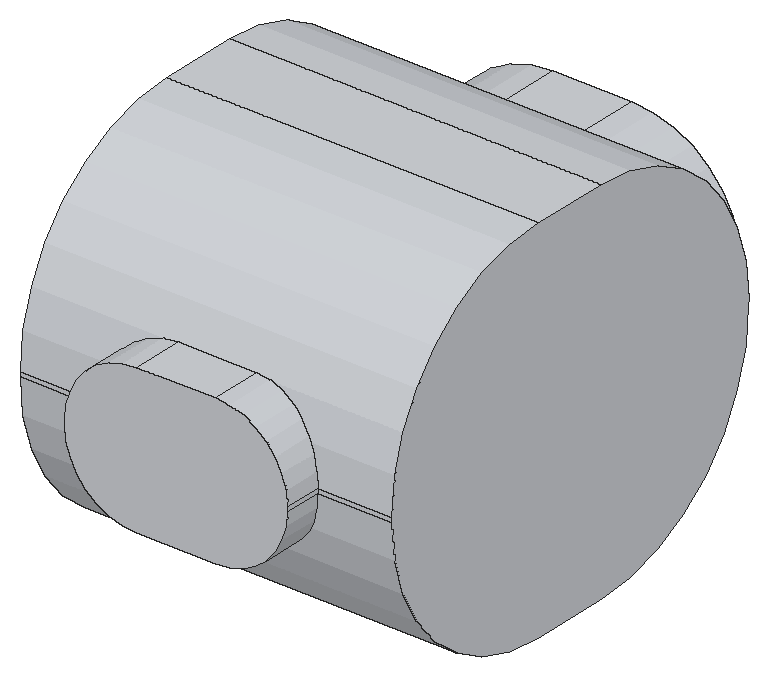
Revit family "79a90fc33f17497aa311189a2652b976", category Duct Fittings, Revit 2021
Family settings
  Round Connector Dimension = Use Diameter
  Part Type = Cross
  OmniClass Number = 23.75.70.14
  OmniClass Title = Air Ductwork
  Seek Item ID = Oval Cross - Straight-0000-USA-ENU
  Work Plane-Based = No
  Always vertical = Yes
  Cut with Voids When Loaded = No
  Shared = No
Parameters (values of type "Standard")
  Shoulder Length [instance] = 1"
  Duct Width 4 [instance] = 8"
  Duct Width 3 [instance] = 6"
  Duct Width 2 [instance] = Duct Width 1  # 12"
  Duct Width 1 [instance] = 12"
  Duct Length 2 [instance] = 0.5 * Duct Width 1 + Shoulder Length  # 0' - 7"
  Duct Length 1 [instance] = if(Duct Width 3 > Duct Width 4, (Duct Width 3 + 2 * Shoulder Length), (Duct Width 4 + 2 * Shoulder Length))  # 10"
  Duct Height 4 [instance] = 6"
  Duct Height 3 [instance] = 4"
  Duct Height 2 [instance] = Duct Height 1  # 10"
  Duct Height 1 [instance] = 10"
  Default Elevation = 0' - 0"
Reference planes (in)
  plane 1 "Center (Front/Back)": y = 0
  plane 2: z = 0
  plane 3 "Center (Left/Right)": x = 0
  plane 4: y = 7
  plane 5: y = -7
  plane 6: x = -5
  plane 7: x = 5
Forms (in)
  Sweep 1, solid, detail levels medium+fine
    path in 3D
      loop
        line (-5, 0, 0) -> (5, 0, 0)
    profile "Duct - Oval : Duct - Oval 1" origin (0, 0, 0) x (0, 1, 0) y (0, 0, 1)
      loop
        line (-6, 0.0625) -> (-6, -0.0625)
        arc (-6, -0.0625) -> (-4.55384, -3.55384) -> (-1.0625, -5) r 4.9375
        line (-1.0625, -5) -> (1.0625, -5)
        arc (1.0625, -5) -> (4.55384, -3.55384) -> (6, -0.0625) r 4.9375
        line (6, -0.0625) -> (6, 0.0625)
        arc (6, 0.0625) -> (4.55384, 3.55384) -> (1.0625, 5) r 4.9375
        line (1.0625, 5) -> (-1.0625, 5)
        arc (-1.0625, 5) -> (-4.55384, 3.55384) -> (-6, 0.0625) r 4.9375
  Sweep 2, solid, detail levels medium+fine
    path in 3D
      loop
        line (0, 7, 0) -> (0, 0, 0)
    profile "Duct - Oval : Duct - Oval 3" origin (0, 3.5, 0) x (1, 0, 0) y (0, 0, 1)
      loop
        line (-4, 0.0625) -> (-4, -0.0625)
        arc (-4, -0.0625) -> (-3.13963, -2.13963) -> (-1.0625, -3) r 2.9375
        line (-1.0625, -3) -> (1.0625, -3)
        arc (1.0625, -3) -> (3.13963, -2.13963) -> (4, -0.0625) r 2.9375
        line (4, -0.0625) -> (4, 0.0625)
        arc (4, 0.0625) -> (3.13963, 2.13963) -> (1.0625, 3) r 2.9375
        line (1.0625, 3) -> (-1.0625, 3)
        arc (-1.0625, 3) -> (-3.13963, 2.13963) -> (-4, 0.0625) r 2.9375
  Sweep 3, solid, detail levels medium+fine
    path in 3D
      loop
        line (0, 0, 0) -> (0, -7, 0)
    profile "Duct - Oval : Duct - Oval 2" origin (0, -3.5, 0) x (1, 0, 0) y (0, 0, 1)
      loop
        line (-3, 0.0625) -> (-3, -0.0625)
        arc (-3, -0.0625) -> (-2.43252, -1.43252) -> (-1.0625, -2) r 1.9375
        line (-1.0625, -2) -> (1.0625, -2)
        arc (1.0625, -2) -> (2.43252, -1.43252) -> (3, -0.0625) r 1.9375
        line (3, -0.0625) -> (3, 0.0625)
        arc (3, 0.0625) -> (2.43252, 1.43252) -> (1.0625, 2) r 1.9375
        line (1.0625, 2) -> (-1.0625, 2)
        arc (-1.0625, 2) -> (-2.43252, 1.43252) -> (-3, 0.0625) r 1.9375
Cuts and joins
  joined: Sweep 1, Sweep 2, Sweep 3
Lines and regions (in)
  model lines, detail levels coarse
    curve 1: line (-5, 0, 0) -> (5, 0, 0)
    curve 2: line (0, 7, 0) -> (0, 0, 0)
    curve 3: line (0, 0, 0) -> (0, -7, 0)
  sketch lines
    curve 4: line (-5, 0, 0) -> (5, 0, 0)
    curve 5: line (0, 7, 0) -> (0, 0, 0)
    curve 6: line (0, 0, 0) -> (0, -7, 0)
Dimensions and locks (in)
  equal spacing: plane 6, plane 3 "Center (Left/Right)", plane 7
  "Duct Length 1": plane 6 to plane 7
  "Duct Length 2": plane 1 "Center (Front/Back)" to plane 4
  "Duct Length 2": plane 5 to plane 1 "Center (Front/Back)"
  aligned and locked: plane 1 "Center (Front/Back)" to curve 1
  aligned and locked: plane 6 to curve 1
  aligned and locked: plane 7 to curve 1
  aligned and locked: curve 2 to plane 3 "Center (Left/Right)"
  aligned and locked: plane 4 to curve 2
  aligned and locked: plane 1 "Center (Front/Back)" to curve 2
  aligned and locked: curve 3 to plane 3 "Center (Left/Right)"
  aligned and locked: plane 5 to curve 3
Connectors (in)
  hvac at (-5, 0, 0), driven by "Duct Height 1", driven by "Duct Width 1"
    settings: on cut or joined group of Sweep 1, Sweep 2, Sweep 3, index 1, duct flow 0 CFM, flow factor 0, pres drop 0.00 in-wg, loss coef 0, conn angle 0.00°, conn width 12", conn height 10", conn diameter 24", duct sys type 28, conn prof type 2, flow config 0, flow direction 0, loss method 0, conn ref index 2, conn util no, is conn primary yes, conn desc ""
  hvac at (5, 0, 0), driven by "Duct Height 1", driven by "Duct Width 1"
    settings: on cut or joined group of Sweep 1, Sweep 2, Sweep 3, index 2, duct flow 0 CFM, flow factor 0, pres drop 0.00 in-wg, loss coef 0, conn angle 0.00°, conn width 12", conn height 10", conn diameter 24", duct sys type 28, conn prof type 2, flow config 0, flow direction 0, loss method 0, conn ref index 1, conn util no, is conn primary no, conn desc ""
  hvac at (0, -7, 0), driven by "Duct Height 3", driven by "Duct Width 3"
    settings: on cut or joined group of Sweep 1, Sweep 2, Sweep 3, index 3, duct flow 0 CFM, flow factor 0, pres drop 0.00 in-wg, loss coef 0, conn angle 0.00°, conn width 6", conn height 4", conn diameter 24", duct sys type 28, conn prof type 2, flow config 0, flow direction 0, loss method 0, conn ref index 4, conn util no, is conn primary no, conn desc ""
  hvac at (0, 7, 0), driven by "Duct Height 4", driven by "Duct Width 4"
    settings: on cut or joined group of Sweep 1, Sweep 2, Sweep 3, index 4, duct flow 0 CFM, flow factor 0, pres drop 0.00 in-wg, loss coef 0, conn angle 0.00°, conn width 8", conn height 6", conn diameter 24", duct sys type 28, conn prof type 2, flow config 0, flow direction 0, loss method 0, conn ref index 3, conn util no, is conn primary no, conn desc ""
